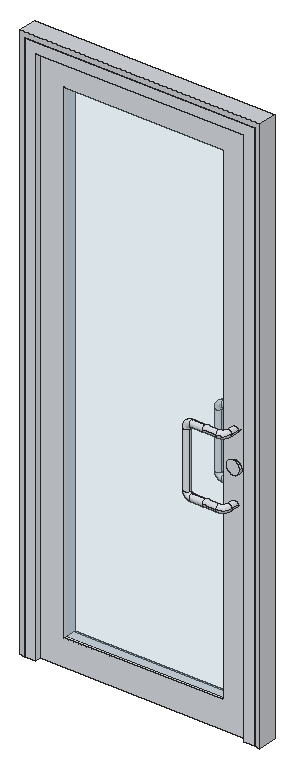
Revit family "AC_Дверь_Однопольная_Алюминиевая", category Двери, Revit 2019
Family settings
  Основа = Стена
  Номер OmniClass = 23.30.10.00
  Заголовок OmniClass = Doors
  Всегда вертикально = Да
  При загрузке вырезать с полостями = Нет
  Общий = Нет
  Точка расчета площади = Нет
Parameters
  Четверть _Высота [instance] = 40 mm
  Четверть [instance] = no
  Четверть_Сверху [instance] = if(Четверть, Четверть _Высота, 0 mm)  # 0 mm
  Четверть_Сбоку [instance] = if(Четверть, Четверть_Ширина, 0 mm)  # 0 mm
  Четверть_Ширина [instance] = 40 mm
  Функция = Наружные слои
  Угол плане 30 [instance] = yes
  Тип полотна двери = АС-Полотно : Остекленное
  Ручка двери = none
  Рама двери_Ширина справа = 100 mm
  Рама двери_Ширина слева = 100 mm
  Рама двери_Ширина внизу = 100 mm
  Рама двери_Ширина вверху = 100 mm
  Рама двери = none
  Полотно_Ширина = Rough Width - Коробка_Ширина * 2  # 800 mm
  Полотно_Высота = Rough Height - Коробка_Ширина  # 2050 mm
  Аналитическая конструкция = "<Нет>"
  ADSK_Обозначение = "ГОСТ 23747-2015"
  Наличник двери = none
  ADSK_Наименование = "ДАВ О Оп Пр Бпр Р 2080х860"
  Монтажный зазор_Верх [instance] = 20 mm
  Коробка_Ширина = 30 mm
  Коробка_Толщина = 70 mm
  Правая = yes
  Полотно двери = none
  Остекление двери = none
  Наличник_Ширина [instance] = 60 mm
  Наличник_Толщина [instance] = 10 mm
  Наличник снаружи [instance] = no
  Наличник внутри [instance] = no
  Монтажный зазор_Справа и Слева [instance] = 20 mm
  Вставка_Четверть_Глубина [instance] = 0 mm
  Левая = not(Правая)  # no
  Инструкция по семейству [instance] = ""
  Защитное ограждение = no
  Огибание наружных слоев [instance] = 0 mm
  Width [instance] = Rough Width + Монтажный зазор_Справа и Слева * 2  # 900 mm
  Thickness = 50 mm
  Rough Width = 860 mm
  Rough Height = 2080 mm
  Model = ""
  Manufacturer = ""
  Wall Closure = (empty or 0)
  Height [instance] = Rough Height + Монтажный зазор_Верх  # 2100 mm
  Описание = "Дверь алюминиевая остекленная  внутренняя"
  Тип конструкций = "Дверь алюминиевая"
  ADSK_Этаж [instance] = ""
  ADSK_Толщина стены [instance] = 600 mm
  ADSK_Примечание [instance] = ""
  ADSK_Предел огнестойкости = ""
  ADSK_Позиция [instance] = ""
  ADSK_Открывание = if(Правая, "Правая", "Левая")  # "Правая"
  ADSK_Откосы_Глубина [instance] = 530 mm
  ADSK_Наименование краткое = ""
  ADSK_Масса_Текст = ""
  ADSK_Количество [instance] = 0
  ADSK_Код изделия = ""
  ADSK_Зона [instance] = ""
  ADSK_Завод-изготовитель = ""
  ADSK_Единица измерения = ""
  ADSK_Группирование [instance] = ""
  ADSK_Версия Revit = "v2019"  # constant formula
  ADSK_URL страницы изделия = ""
  ADSK_URL документации изделия = ""
Reference planes
  plane 1: y = 0
  plane 2 "По центру (Влево/Вправо)": x = 0
  plane 3 "Слева": x = -450
  plane 4 "Справа": x = 450
  plane 5: z = 2100
  plane 6 "Наружный": y = 300
  plane 7 "Внутренние": y = -300
  plane 8 "Вставка двери": y = 300
  plane 9 "Четверть слева": x = -450
  plane 10 "Четверть справа": x = 450
  plane 11 "Четверть сверху": z = 2100
  plane 12 "Полотно двери": y = 250
  plane 13 "Рама внутри": y = 230
  plane 14 "Монтажный зазор слева": x = -430
  plane 15 "Монтажный зазор справа": x = 430
  plane 16 "Монтажный зазор сверху": z = 2080
  plane 17 "Глубина огибания наружного слоя": y = 300
  plane 18: y = 310
  plane 19: x = 440
  plane 20: y = -310
  plane 21: x = -440
  plane 22: x = -400
  plane 23: x = 400
  plane 24: z = 1025
  plane 25 "Верх полотна": z = 2050
Forms (mm)
  Extrusion 1, void
    sketch origin (0, 0, 0) x (1, 0, 0) y (0, 1, 0)
      loop
        line (450, 300) -> (-450, 300) -> (-450, -800) -> (450, -800) -> (450, 300)
    from 0 to 2100
  Extrusion 2, void
    sketch origin (0, 0, 0) x (1, 0, 0) y (0, 1, 0)
      loop
        line (450, 800) -> (-450, 800) -> (-450, 300) -> (450, 300) -> (450, 800)
    from 0 to 2100
  Sweep 3, solid, material <- "Наличник двери", visible <- "Наличник снаружи", detail levels fine
    path origin (0, 300, 0) x (1, 0, 0) y (0, 0, 1)
      loop
        line (-450, 0) -> (-450, 2100) -> (450, 2100) -> (450, 0)
    profile origin (-450, 300, 1050) x (-1, 0, 0) y (0, -1, 0)
      loop
        line (-10, 0) -> (-10, -5)
        arc (-10, -5) -> (-8.536, -8.536) -> (-5, -10) r 5
        line (-5, -10) -> (45, -10)
        arc (45, -10) -> (48.536, -8.536) -> (50, -5) r 5
        line (50, -5) -> (50, 0) -> (-10, 0)
  Sweep 4, solid, material <- "Наличник двери", visible <- "Наличник внутри", detail levels fine
    path origin (0, -300, 0) x (1, 0, 0) y (0, 0, 1)
      loop
        line (-450, 0) -> (-450, 2100) -> (450, 2100) -> (450, 0)
    profile origin (-450, -300, 1050) x (-1, 0, 0) y (0, -1, 0)
      loop
        line (-20, 0) -> (40, 0) -> (40, 5)
        arc (40, 5) -> (38.536, 8.536) -> (35, 10) r 5
        line (35, 10) -> (-15, 10)
        arc (-15, 10) -> (-18.536, 8.536) -> (-20, 5) r 5
        line (-20, 5) -> (-20, 0)
  Sweep 5, solid, material <- "Рама двери", detail levels medium+fine
    path origin (0, 300, 0) x (-1, 0, 0) y (0, 0, 1)
      loop
        line (430, 0) -> (430, 2080) -> (-430, 2080) -> (-430, 0)
    profile origin (430, 300, 1040) x (0, 1, 0) y (-1, 0, 0)
      loop
        line (0, 0) -> (0, 30) -> (-50, 30) -> (-50, 40) -> (-70, 40) -> (-70, 0) -> (0, 0)
  Sweep 6, solid, material <- "Наличник двери", visible <- "Наличник внутри", detail levels fine
    path origin (0, 230, 0) x (-1, 0, 0) y (0, 0, 1)
      loop
        line (450, 0) -> (450, 2100) -> (-450, 2100) -> (-450, 0)
    profile origin (-450, 230, 1050) x (1, 0, 0) y (0, 1, 0)
      loop
        line (0, -535) -> (20, -535) -> (20, 0) -> (0, 0) -> (0, -535)
  Sweep 7, solid, material <- "Наличник двери", visible <- "Наличник снаружи", detail levels fine
    path origin (0, 300, 0) x (-1, 0, 0) y (0, 0, 1)
      loop
        line (450, 0) -> (450, 2100) -> (-450, 2100) -> (-450, 0)
    profile origin (450, 300, 1050) x (0, 1, 0) y (-1, 0, 0)
      loop
        line (5, 0) -> (5, 10) -> (0, 10) -> (0, 0) -> (5, 0)
  Extrusion 8, solid, material <- "Рама двери", detail levels medium+fine
    sketch origin (-2514.822, 300, 1200) x (-1, 0, 0) y (0, 0, 1)
      loop
        line (-2964.822, 900) -> (-2964.822, -1200) -> (-2944.822, -1200) -> (-2944.822, 880) -> (-2084.822, 880) -> (-2084.822, -1200) -> (-2064.822, -1200) -> (-2064.822, 900) -> (-2964.822, 900)
    from 0 to -70
  Extrusion 9, solid, material <- "Полотно двери", detail levels coarse
    sketch origin (0, 0, 0) x (1, 0, 0) y (0, 1, 0)
      loop
        line (-450, 300) -> (-450, 230) -> (450, 230) -> (450, 300) -> (-450, 300)
    from 0 to 2100
Cuts and joins
  joined: Sweep 4, Sweep 6
  joined: Sweep 3, Sweep 7
Lines and regions (mm)
  Masking region 1, detail levels fine
    outline origin (0, 0, 0) x (0, 1, 0) y (0, 0, 1)
      loop
        line (230, 2040) -> (250, 2040) -> (250, 2050) -> (300, 2050) -> (300, 2080) -> (230, 2080) -> (230, 2040)
  Masking region 2, detail levels fine
    outline origin (0, 0, 0) x (0, 1, 0) y (0, 0, 1)
      loop
        line (300, 2080) -> (300, 2100) -> (230, 2100) -> (230, 2080) -> (300, 2080)
  Masking region 3, detail levels fine
    outline origin (0, 0, 0) x (0, 1, 0) y (0, 0, 1)
      loop
        line (300, 0) -> (300, 2050) -> (250, 2050) -> (250, 0) -> (300, 0)
  Masking region 4, detail levels fine
    outline origin (0, 0, 0) x (0, 1, 0) y (0, 0, 1)
      loop
        line (230, 2040) -> (230, 0) -> (250, 0) -> (250, 2040) -> (230, 2040)
  Masking region 5, detail levels coarse+medium
    outline origin (0, 0, 0) x (0, 1, 0) y (0, 0, 1)
      loop
        line (300, 0) -> (300, 2100) -> (230, 2100) -> (230, 0) -> (300, 0)
  symbolic lines, style "Открывание", visible <- "Правая", detail levels medium
    curve 1: line (-400, 300, 0) -> (400, 300, 1025)
    curve 2: line (400, 300, 1025) -> (-400, 300, 2050)
  symbolic lines, style "Открывание", visible <- "Левая", detail levels medium
    curve 3: line (400, 300, 0) -> (-400, 300, 1025)
    curve 4: line (-400, 300, 1025) -> (400, 300, 2050)
Text (mm)
  text "Наружный" at (-2295.016, 1099.543, 0), in view "Опорный уровень "
  text "Наружный" at (0, 1615.38, 3698.081), in view "Слева"
  text "Наружный" at (0, 1036.032, 3874.932), in view "Справа"
Dimensions and locks
  equal spacing: plane 14 "Монтажный зазор слева", plane 2 "По центру (Влево/Вправо)", plane 15 "Монтажный зазор справа"
  "Width": plane 3 "Слева" to plane 4 "Справа"
  "Rough Height": host wall to plane 16 "Монтажный зазор сверху"
  "Height": host wall to plane 5
  locked: plane 6 "Наружный" to host wall at 0
  locked: plane 7 "Внутренние" to host wall
  locked: Extrusion 1 sketch curve to plane 7 "Внутренние" at 500
  "Четверть_Сбоку": plane 3 "Слева" to plane 9 "Четверть слева"
  "Четверть_Сбоку": plane 10 "Четверть справа" to plane 4 "Справа"
  "Четверть_Сверху": plane 11 "Четверть сверху" to plane 5
  locked: plane 6 "Наружный" to Extrusion 2 sketch curve at 500
  "Вставка_Четверть_Глубина": plane 6 "Наружный" to plane 8 "Вставка двери"
  "Наличник_Ширина": Sweep 3 sketch curve to plane 21
  "Коробка_Толщина": plane 8 "Вставка двери" to plane 13 "Рама внутри"
  "Thickness": plane 8 "Вставка двери" to plane 12 "Полотно двери"
  "Огибание наружных слоев": plane 6 "Наружный" to plane 17 "Глубина огибания наружного слоя"
  "Наличник_Ширина": Sweep 4 sketch curve to Sweep 4 sketch curve
  locked: Sweep 4 sketch curve to Sweep 4 sketch curve at 5  (x4)
  locked: Sweep 3 sketch curve to Sweep 3 sketch curve at 5
  "Коробка_Ширина": Sweep 5 sketch curve to profile plane
  locked: Sweep 5 sketch curve to Sweep 5 sketch curve at 10
  locked: Sweep 6 sketch curve to plane 20 at 5
  "Наличник_Толщина": plane 7 "Внутренние" to plane 20
  "Наличник_Толщина": plane 18 to plane 6 "Наружный"
  "Наличник_Толщина": plane 9 "Четверть слева" to plane 21
  "Наличник_Толщина": plane 19 to plane 10 "Четверть справа"
  locked: plane 18 to Sweep 3 sketch curve at 5  (x2)
  locked: Sweep 3 sketch curve to plane 21 at 5
  locked: plane 18 to Sweep 7 sketch curve at 5
  "ADSK_Откосы_Глубина": plane 7 "Внутренние" to plane 13 "Рама внутри"
  equal spacing: plane 3 "Слева", plane 2 "По центру (Влево/Вправо)", plane 4 "Справа"
  "Rough Width": plane 14 "Монтажный зазор слева" to plane 15 "Монтажный зазор справа"
  "Коробка_Ширина": plane 14 "Монтажный зазор слева" to plane 22
  "Коробка_Ширина": plane 23 to plane 15 "Монтажный зазор справа"
  equal spacing: level, plane 24, plane 25 "Верх полотна"
  "Коробка_Ширина": plane 25 "Верх полотна" to plane 16 "Монтажный зазор сверху"
  "ADSK_Толщина стены": host wall to host wall
  aligned and locked: plane 1 to host wall
  aligned and locked: plane 8 "Вставка двери" to Extrusion 1 sketch curve
  aligned and locked: plane 3 "Слева" to Extrusion 1 sketch curve
  aligned and locked: Extrusion 1 sketch curve to plane 4 "Справа"
  aligned and locked: Extrusion 1 to level
  aligned and locked: Extrusion 1 to plane 5
  aligned and locked: Extrusion 2 sketch curve to plane 8 "Вставка двери"
  aligned and locked: plane 10 "Четверть справа" to Extrusion 2 sketch curve
  aligned and locked: Extrusion 2 sketch curve to plane 9 "Четверть слева"
  aligned and locked: Extrusion 2 to level
  aligned and locked: plane 11 "Четверть сверху" to Extrusion 2
  aligned and locked: plane 9 "Четверть слева" to Sweep 3 sketch curve
  aligned and locked: plane 11 "Четверть сверху" to Sweep 3 sketch curve
  aligned and locked: plane 10 "Четверть справа" to Sweep 3 sketch curve
  aligned and locked: Sweep 4 sketch curve to plane 3 "Слева"
  aligned and locked: Sweep 4 sketch curve to plane 5
  aligned and locked: Sweep 4 sketch curve to plane 4 "Справа"
  aligned and locked: level to Sweep 4 sketch curve  (x2)
  aligned and locked: Sweep 4 sketch curve to plane 7 "Внутренние"
  aligned and locked: Sweep 5 sketch curve to plane 15 "Монтажный зазор справа"
  aligned and locked: Sweep 5 sketch curve to plane 16 "Монтажный зазор сверху"
  aligned and locked: Sweep 5 sketch curve to plane 14 "Монтажный зазор слева"
  aligned and locked: level to Sweep 5 sketch curve  (x2)
  aligned and locked: profile plane to Sweep 5 sketch curve
  aligned and locked: plane 13 "Рама внутри" to Sweep 5 sketch curve
  aligned and locked: plane 8 "Вставка двери" to Sweep 5 sketch curve
  aligned and locked: plane 12 "Полотно двери" to Sweep 5 sketch curve
  aligned and locked: Sweep 4 sketch curve to plane 14 "Монтажный зазор слева"
  aligned and locked: plane 3 "Слева" to Sweep 6 sketch curve
  aligned and locked: plane 5 to Sweep 6 sketch curve
  aligned and locked: plane 4 "Справа" to Sweep 6 sketch curve
  aligned and locked: level to Sweep 6 sketch curve  (x2)
  aligned and locked: Sweep 6 sketch curve to plane 3 "Слева"
  aligned and locked: Sweep 6 sketch curve to plane 14 "Монтажный зазор слева"
  aligned and locked: Sweep 6 sketch curve to plane 13 "Рама внутри"
  aligned and locked: profile plane to Sweep 3 sketch curve
  aligned and locked: level to Sweep 7 sketch curve  (x2)
  aligned and locked: Sweep 7 sketch curve to plane 11 "Четверть сверху"
  aligned and locked: plane 10 "Четверть справа" to Sweep 7 sketch curve  (x2)
  aligned and locked: plane 9 "Четверть слева" to Sweep 7 sketch curve
  aligned and locked: plane 8 "Вставка двери" to Sweep 7 sketch curve
  aligned and locked: plane 20 to Sweep 4 sketch curve
  aligned and locked: plane 18 to Sweep 3 sketch curve
  aligned and locked: Sweep 7 sketch curve to plane 19
  aligned and locked: Masking region 1 sketch curve to Sweep 5  (x2)
  aligned and locked: plane 12 "Полотно двери" to Masking region 1 sketch curve
  aligned and locked: plane 13 "Рама внутри" to Masking region 1 sketch curve
  aligned and locked: plane 8 "Вставка двери" to Masking region 1 sketch curve
  aligned and locked: plane 16 "Монтажный зазор сверху" to Masking region 1 sketch curve
  aligned and locked: plane 8 "Вставка двери" to Masking region 2 sketch curve
  aligned and locked: plane 13 "Рама внутри" to Masking region 2 sketch curve
  aligned and locked: plane 16 "Монтажный зазор сверху" to Masking region 2 sketch curve
  aligned and locked: plane 5 to Masking region 2 sketch curve
  aligned and locked: plane 8 "Вставка двери" to Masking region 3 sketch curve
  aligned and locked: plane 12 "Полотно двери" to Masking region 3 sketch curve
  aligned and locked: level to Masking region 3 sketch curve
  aligned and locked: Masking region 3 sketch curve to Sweep 5
  aligned and locked: Masking region 4 sketch curve to Sweep 5
  aligned and locked: plane 13 "Рама внутри" to Masking region 4 sketch curve
  aligned and locked: plane 12 "Полотно двери" to Masking region 4 sketch curve
  aligned and locked: level to Masking region 4 sketch curve
  aligned and locked: plane 8 "Вставка двери" to Masking region 5 sketch curve
  aligned and locked: plane 13 "Рама внутри" to Masking region 5 sketch curve
  aligned and locked: plane 5 to Masking region 5 sketch curve
  aligned and locked: level to Masking region 5 sketch curve
  aligned and locked: Extrusion 8 sketch curve to plane 4 "Справа"
  aligned and locked: Extrusion 8 sketch curve to plane 3 "Слева"
  aligned and locked: Extrusion 8 sketch curve to plane 5
  aligned and locked: Extrusion 8 sketch curve to plane 16 "Монтажный зазор сверху"
  aligned and locked: Extrusion 8 sketch curve to plane 14 "Монтажный зазор слева"
  aligned and locked: Extrusion 8 sketch curve to plane 15 "Монтажный зазор справа"
  aligned and locked: Extrusion 8 sketch curve to level
  aligned and locked: Extrusion 8 to plane 13 "Рама внутри"
  aligned and locked: plane 8 "Вставка двери" to Extrusion 8
  aligned and locked: nested 1 to plane 8 "Вставка двери"
  aligned and locked: nested 1 to plane 3 "Слева"
  aligned and locked: nested 1 to plane 4 "Справа"
  aligned and locked: nested 2 to plane 4 "Справа"
  aligned and locked: nested 2 to plane 3 "Слева"
  aligned and locked: plane 8 "Вставка двери" to nested 2
  aligned and locked: nested 3 to plane 8 "Вставка двери"
  aligned and locked: nested 3 to plane 22
  aligned and locked: nested 3 to plane 23
  aligned and locked: nested 4 to plane 8 "Вставка двери"
  aligned and locked: nested 4 to plane 22
  aligned and locked: plane 8 "Вставка двери" to nested 5
  aligned and locked: nested 5 to plane 23
  aligned and locked: Extrusion 9 sketch curve to plane 8 "Вставка двери"
  aligned and locked: Extrusion 9 sketch curve to plane 13 "Рама внутри"
  aligned and locked: Extrusion 9 sketch curve to plane 4 "Справа"
  aligned and locked: Extrusion 9 sketch curve to plane 3 "Слева"
  aligned and locked: Extrusion 9 to level
  aligned and locked: Extrusion 9 to plane 5
  aligned and locked: curve 3 to Sweep 5
  aligned and locked: Sweep 5 to curve 1
  aligned and locked: plane 25 "Верх полотна" to curve 2
  aligned and locked: plane 25 "Верх полотна" to curve 4
  aligned and locked: plane 24 to curve 2
  aligned and locked: plane 24 to curve 4
  aligned and locked: level to curve 1
  aligned and locked: level to curve 3
  aligned and locked: plane 22 to curve 2
  aligned and locked: plane 23 to curve 4
  aligned and locked: plane 23 to curve 2
  aligned and locked: plane 22 to curve 4
Automatic sketch dimensions
  Sweep 3 sketch curve to level = 0 mm  (x2)
  Extrusion 8 sketch curve to level = 0 mm
Nested families
  nested 1: "АС-Однопольная-Обозначение на плане" at (0, 300, 0), Height <- "Height", Rough Width <- "Rough Width", Thickness <- "Thickness", Коробка.Толщина <- "Коробка_Толщина", Полотно.Ширина <- "Полотно_Ширина", visible <- "Левая", Width <- "Width", type "АС-Стандарт"
    with Полотно.Ширина 800 mm, Коробка.Толщина 70 mm, Width 900 mm, Thickness 50 mm, Rough Width 860 mm, Height 2100 mm, Открывание двери 90 no, Открывание двери 30 yes, Линия открывания (дуга) no
  nested 2: "АС-Однопольная-Обозначение на плане" at (0, 300, 0) x (-1, 0, 0) z (0, 0, 1), Height <- "Height", Rough Width <- "Rough Width", Thickness <- "Thickness", Коробка.Толщина <- "Коробка_Толщина", Полотно.Ширина <- "Полотно_Ширина", visible <- "Правая", Width <- "Width", type "АС-Стандарт"
    with Полотно.Ширина 800 mm, Коробка.Толщина 70 mm, Width 900 mm, Thickness 50 mm, Rough Width 860 mm, Height 2100 mm, Открывание двери 90 no, Открывание двери 30 yes, Линия открывания (дуга) no
  nested 3: "АС-Полотно" at (-50, 300, 0), Рама.Ширина справа <- "Рама двери_Ширина справа", Рама.Ширина слева <- "Рама двери_Ширина слева", Рама.Ширина внизу <- "Рама двери_Ширина внизу", Рама.Ширина вверху <- "Рама двери_Ширина вверху", Полотно двери.Толщина <- "Thickness", Полотно двери.Высота <- "Полотно_Высота", Полотно двери.Ширина <- "Полотно_Ширина", type <- "Тип полотна двери", Фурнитура <- "Ручка двери", Полотно двери <- "Полотно двери", Остекление двери <- "Остекление двери", Защитные ограждения <- "Защитное ограждение", type "Остекленное"
    with Фурнитура none, Рама.Ширина справа 100 mm, Рама.Ширина слева 100 mm, Рама.Ширина внизу 100 mm, Рама.Ширина вверху 100 mm, Полотно двери.Ширина 800 mm, Полотно двери.Толщина 50 mm, Полотно двери.Высота 2050 mm, Полотно двери none, Остекление двери none, Защитные ограждения no, Остекленное yes, Остекленное с перекладиной no
  nested 4: "АС-Ручка двери" at (-400, 300, 0), Полотно двери.Толщина <- "Thickness", visible <- "Левая", Ручка двери <- "Ручка двери", type "АС-Стандарт"
    with Ручка двери none, Полотно двери.Толщина 50 mm, Отступ ручки от края 60 mm, Высота расположения ручки 1025 mm
  nested 5: "АС-Ручка двери" at (400, 300, 0) x (-1, 0, 0) z (0, 0, 1), Полотно двери.Толщина <- "Thickness", visible <- "Правая", Ручка двери <- "Ручка двери", type "АС-Стандарт"
    with Ручка двери none, Полотно двери.Толщина 50 mm, Отступ ручки от края 60 mm, Высота расположения ручки 1025 mm
Definition of nested family "АС-Полотно"
  Parameters
    Фурнитура [instance] = none
    Рама.Ширина справа [instance] = 100 mm
    Рама.Ширина слева [instance] = 100 mm
    Рама.Ширина внизу [instance] = 100 mm
    Рама.Ширина вверху [instance] = 100 mm
    Остекленное = not(Остекленное с перекладиной)  # no
    Полотно двери.Ширина [instance] = 900 mm
    Полотно двери.Толщина [instance] = 50 mm
    Полотно двери.Высота [instance] = 2400 mm
    Полотно двери [instance] = none
    Остекленное с перекладиной = yes
    Остекление двери [instance] = none
    Защитные ограждения [instance] = no
    Default Elevation = 0 mm
  Reference planes
    plane 1 "Center (Front/Back)": y = 0
    plane 2: z = 0
    plane 3 "Center (Left/Right)": x = 0
    plane 4: x = -450
    plane 5: x = 450
    plane 6 "Back": y = -50
    plane 7: z = 2400
    plane 8 "Остекление снаружи": y = -8
    plane 9 "Остекление внутри": y = -42
    plane 10 "Ширина рамы справа": x = -350
    plane 11 "Ширина рамы слева": x = 350
    plane 12 "Ширина рамы внизу": z = 100
    plane 13 "Ширина рамы вверху": z = 2300
    plane 14: z = 650
    plane 15: z = 500
    plane 16: z = 350
  Forms (mm)
    Extrusion 1, solid, material <- "Полотно двери", visible <- "Остекленное с перекладиной", detail levels medium+fine
      sketch origin (0, 0, 0) x (1, 0, 0) y (0, 0, 1)
        loop
          line (-450, 2400) -> (-450, 0) -> (450, 0) -> (450, 2400) -> (-450, 2400)
        loop
          line (-350, 2300) -> (-350, 1050) -> (350, 1050) -> (350, 2300) -> (-350, 2300)
        loop
          line (-350, 100) -> (350, 100) -> (350, 950) -> (-350, 950) -> (-350, 100)
      from 0 to 50 <- "Полотно двери.Толщина"
    Extrusion 2, solid, material <- "Полотно двери", visible <- "Остекленное", detail levels medium+fine
      sketch origin (50, 0, 0) x (1, 0, 0) y (0, 0, 1)
        loop
          line (-500, 2400) -> (-500, 0) -> (400, 0) -> (400, 2400) -> (-500, 2400)
        loop
          line (-400, 100) -> (300, 100) -> (300, 2300) -> (-400, 2300) -> (-400, 100)
      from 0 to 50
    Extrusion 3, solid, material <- "Остекление двери", detail levels medium+fine
      sketch origin (-646.608, -8, 1200) x (-1, 0, 0) y (0, 0, 1)
        loop
          line (-296.608, 1100) -> (-996.608, 1100) -> (-996.608, -1100) -> (-296.608, -1100) -> (-296.608, 1100)
      from 0 to -34
    Sweep 4, solid, material <- "Фурнитура", visible <- "Защитные ограждения", detail levels medium+fine
      path origin (-858.179, -1524, 650) x (-1, 0, 0) y (0, -1, 0)
        loop
          arc (-478.179, -1459) -> (-482.572, -1448.393) -> (-493.179, -1444) r 15
          line (-493.179, -1444) -> (-1223.179, -1444)
          arc (-1223.179, -1444) -> (-1233.785, -1448.393) -> (-1238.179, -1459) r 15
          line (-1238.179, -1459) -> (-1238.179, -1539)
          arc (-1238.179, -1539) -> (-1233.785, -1549.607) -> (-1223.179, -1554) r 15
          line (-1223.179, -1554) -> (-493.179, -1554)
          arc (-493.179, -1554) -> (-482.572, -1549.607) -> (-478.179, -1539) r 15
          line (-478.179, -1539) -> (-478.179, -1459)
      profile origin (-380, -25, 650) x (-1, 0, 0) y (0, 0, 1)
        loop
          circle (0, 0) r 10
    Sweep 5, solid, material <- "Фурнитура", visible <- "Защитные ограждения", detail levels medium+fine
      path origin (-858.179, -1524, 500) x (-1, 0, 0) y (0, -1, 0)
        loop
          arc (-478.179, -1459) -> (-482.572, -1448.393) -> (-493.179, -1444) r 15
          line (-493.179, -1444) -> (-1223.179, -1444)
          arc (-1223.179, -1444) -> (-1233.785, -1448.393) -> (-1238.179, -1459) r 15
          line (-1238.179, -1459) -> (-1238.179, -1539)
          arc (-1238.179, -1539) -> (-1233.785, -1549.607) -> (-1223.179, -1554) r 15
          line (-1223.179, -1554) -> (-493.179, -1554)
          arc (-493.179, -1554) -> (-482.572, -1549.607) -> (-478.179, -1539) r 15
          line (-478.179, -1539) -> (-478.179, -1459)
      profile origin (-380, -25, 500) x (-1, 0, 0) y (0, 0, 1)
        loop
          circle (0, 0) r 10
    Sweep 6, solid, material <- "Фурнитура", visible <- "Защитные ограждения", detail levels medium+fine
      path origin (-858.179, -1524, 350) x (-1, 0, 0) y (0, -1, 0)
        loop
          arc (-478.179, -1459) -> (-482.572, -1448.393) -> (-493.179, -1444) r 15
          line (-493.179, -1444) -> (-1223.179, -1444)
          arc (-1223.179, -1444) -> (-1233.785, -1448.393) -> (-1238.179, -1459) r 15
          line (-1238.179, -1459) -> (-1238.179, -1539)
          arc (-1238.179, -1539) -> (-1233.785, -1549.607) -> (-1223.179, -1554) r 15
          line (-1223.179, -1554) -> (-493.179, -1554)
          arc (-493.179, -1554) -> (-482.572, -1549.607) -> (-478.179, -1539) r 15
          line (-478.179, -1539) -> (-478.179, -1459)
      profile origin (-380, -25, 350) x (-1, 0, 0) y (0, 0, 1)
        loop
          circle (0, 0) r 10
  Dimensions and locks
    "Полотно двери.Толщина": plane 1 "Center (Front/Back)" to plane 6 "Back"
    equal spacing: plane 4, plane 3 "Center (Left/Right)", plane 5
    "Полотно двери.Ширина": plane 4 to plane 5
    "Полотно двери.Высота": plane 7 to plane 2
    locked: plane 9 "Остекление внутри" to plane 6 "Back" at 8
    locked: plane 1 "Center (Front/Back)" to plane 8 "Остекление снаружи" at 8
    "Рама.Ширина вверху": plane 7 to plane 13 "Ширина рамы вверху"
    "Рама.Ширина внизу": plane 12 "Ширина рамы внизу" to plane 2
    "Рама.Ширина справа": plane 5 to plane 11 "Ширина рамы слева"
    "Рама.Ширина слева": plane 10 "Ширина рамы справа" to plane 4
    locked: plane 14 to plane 2 at 650
    plane 14 to plane 15 to plane 16 = 150 mm locked, 150 mm locked
    locked: plane 1 "Center (Front/Back)" to Sweep 4 sketch curve at 30
    locked: Sweep 4 sketch curve to profile plane at 0
    locked: profile plane to Sweep 4 sketch curve at 0
    locked: Sweep 4 sketch curve to plane 6 "Back" at 30
    locked: Sweep 5 sketch curve to profile plane at 0
    locked: profile plane to Sweep 5 sketch curve at 0
    locked: Sweep 5 sketch curve to plane 6 "Back" at 30
    locked: plane 1 "Center (Front/Back)" to Sweep 5 sketch curve at 30
    locked: Sweep 6 sketch curve to profile plane at 0
    locked: profile plane to Sweep 6 sketch curve at 0
    locked: Sweep 6 sketch curve to plane 6 "Back" at 30
    locked: plane 1 "Center (Front/Back)" to Sweep 6 sketch curve at 30
    plane 7 to plane 2 = 2400 mm
    locked: Sweep 4 sketch curve to plane 10 "Ширина рамы справа" at 30
    locked: plane 11 "Ширина рамы слева" to Sweep 4 sketch curve at 30
    locked: plane 11 "Ширина рамы слева" to Sweep 5 sketch curve at 30
    locked: Sweep 5 sketch curve to plane 10 "Ширина рамы справа" at 30
    locked: Sweep 6 sketch curve to plane 10 "Ширина рамы справа" at 30
    locked: plane 11 "Ширина рамы слева" to Sweep 6 sketch curve at 30
    locked: Sweep 4 sketch curve to Sweep 4 sketch curve at 15  (x8)
    locked: Sweep 5 sketch curve to Sweep 5 sketch curve at 15  (x8)
    locked: Sweep 6 sketch curve to Sweep 6 sketch curve at 15  (x8)
    locked: Extrusion 1 sketch curve to plane 2 at 950
    locked: Extrusion 1 sketch curve to Extrusion 1 sketch curve at 100
    aligned and locked: level to plane 2
    aligned and locked: Extrusion 1 sketch curve to plane 7
    aligned and locked: plane 4 to Extrusion 1 sketch curve
    aligned and locked: plane 2 to Extrusion 1 sketch curve
    aligned and locked: Extrusion 1 sketch curve to plane 5
    aligned and locked: Extrusion 1 to plane 1 "Center (Front/Back)"
    aligned and locked: Extrusion 1 to plane 6 "Back"
    aligned and locked: Extrusion 2 sketch curve to plane 4
    aligned and locked: Extrusion 2 sketch curve to plane 5
    aligned and locked: Extrusion 2 sketch curve to plane 7
    aligned and locked: Extrusion 2 sketch curve to plane 2
    aligned and locked: Extrusion 2 sketch curve to plane 12 "Ширина рамы внизу"
    aligned and locked: Extrusion 2 sketch curve to plane 10 "Ширина рамы справа"
    aligned and locked: Extrusion 2 sketch curve to plane 11 "Ширина рамы слева"
    aligned and locked: Extrusion 2 sketch curve to plane 13 "Ширина рамы вверху"
    aligned and locked: Extrusion 2 to plane 1 "Center (Front/Back)"
    aligned and locked: Extrusion 2 to plane 6 "Back"
    aligned and locked: Extrusion 3 sketch curve to plane 10 "Ширина рамы справа"
    aligned and locked: Extrusion 3 sketch curve to plane 11 "Ширина рамы слева"
    aligned and locked: plane 13 "Ширина рамы вверху" to Extrusion 3 sketch curve
    aligned and locked: plane 12 "Ширина рамы внизу" to Extrusion 3 sketch curve
    aligned and locked: Extrusion 3 to plane 8 "Остекление снаружи"
    aligned and locked: Extrusion 3 to plane 9 "Остекление внутри"
    aligned and locked: plane 7 to Extrusion 2
    aligned and locked: plane 4 to Extrusion 2
    aligned and locked: Extrusion 1 sketch curve to plane 10 "Ширина рамы справа"
    aligned and locked: Extrusion 1 sketch curve to plane 11 "Ширина рамы слева"
    aligned and locked: Extrusion 1 sketch curve to plane 13 "Ширина рамы вверху"
    aligned and locked: Extrusion 1 sketch curve to plane 12 "Ширина рамы внизу"
  Automatic sketch dimensions
    Extrusion 1 sketch curve to plane 10 "Ширина рамы справа" = 0 mm
    Extrusion 1 sketch curve to plane 11 "Ширина рамы слева" = 0 mm
    radius of Sweep 4 sketch curve = 10 mm
    radius of Sweep 5 sketch curve = 10 mm
    radius of Sweep 6 sketch curve = 10 mm
Definition of nested family "АС-Ручка двери"
  Parameters
    Ручка двери [instance] = none
    Полотно двери.Толщина [instance] = 90 mm
    Отступ ручки от края = 90 mm
    Высота расположения ручки = 900 mm
    Default Elevation = 0 mm
  Reference planes
    plane 1 "Наружная сторона полотна": y = 0
    plane 2: z = 0
    plane 3 "Край полотна": x = 0
    plane 4 "Вертикаль расположения": x = 90
    plane 5 "Горизонталь расположения": z = 900
    plane 6 "Внутренняя сторона полотна": y = -90
    plane 7: z = 650
    plane 8: y = 50
    plane 9: y = -140
  Forms (mm)
    Sweep 1, solid, material <- "Ручка двери", detail levels fine
      path origin (0, 0, 900) x (1, 0, 0) y (0, 1, 0)
        loop
          line (160, 50) -> (110, 50)
          arc (110, 50) -> (95.858, 44.142) -> (90, 30) r 20
          line (90, 30) -> (90, -120)
          arc (90, -120) -> (95.858, -134.142) -> (110, -140) r 20
          line (110, -140) -> (160, -140)
      profile origin (90, -45, 900) x (1, 0, 0) y (0, 0, 1)
        loop
          circle (0, 0) r 12
    Extrusion 2, solid, material <- "Ручка двери", detail levels fine
      sketch origin (0, 0, 0) x (1, 0, 0) y (0, 0, 1)
        loop
          circle (90, 775) r 25
      from 98 to -8
    Sweep 3, solid, material <- "Ручка двери", detail levels fine
      path origin (592.846, -30.48, 650) x (1, 0, 0) y (0, 1, 0)
        loop
          line (-432.846, 80.48) -> (-482.846, 80.48)
          arc (-482.846, 80.48) -> (-496.988, 74.622) -> (-502.846, 60.48) r 20
          line (-502.846, 60.48) -> (-502.846, -89.52)
          arc (-502.846, -89.52) -> (-496.988, -103.662) -> (-482.846, -109.52) r 20
          line (-482.846, -109.52) -> (-432.846, -109.52)
      profile origin (90, -45, 650) x (1, 0, 0) y (0, 0, 1)
        loop
          circle (0, 0) r 12
    Sweep 4, solid, material <- "Ручка двери", detail levels fine
      path origin (160, 50, 1200) x (1, 0, 0) y (0, 0, 1)
        loop
          line (0, -300) -> (50, -300)
          arc (50, -300) -> (64.142, -305.858) -> (70, -320) r 20
          line (70, -320) -> (70, -530)
          arc (70, -530) -> (64.142, -544.142) -> (50, -550) r 20
          line (50, -550) -> (0, -550)
      profile origin (185, 50, 900) x (0, 0, 1) y (0, -1, 0)
        loop
          circle (0, 0) r 12
    Sweep 5, solid, material <- "Ручка двери", detail levels fine
      path origin (160, -140, 1200) x (1, 0, 0) y (0, 0, 1)
        loop
          line (0, -300) -> (50, -300)
          arc (50, -300) -> (64.142, -305.858) -> (70, -320) r 20
          line (70, -320) -> (70, -530)
          arc (70, -530) -> (64.142, -544.142) -> (50, -550) r 20
          line (50, -550) -> (0, -550)
      profile origin (185, -140, 900) x (0, 0, 1) y (0, -1, 0)
        loop
          circle (0, 0) r 12
  Cuts and joins
    joined: Sweep 1, Sweep 3, Sweep 4, Sweep 5
  Dimensions and locks
    "Отступ ручки от края": plane 3 "Край полотна" to plane 4 "Вертикаль расположения"
    "Высота расположения ручки": plane 5 "Горизонталь расположения" to level
    "Полотно двери.Толщина": plane 1 "Наружная сторона полотна" to plane 6 "Внутренняя сторона полотна"
    locked: plane 1 "Наружная сторона полотна" to Extrusion 2 at 8
    locked: plane 6 "Внутренняя сторона полотна" to Extrusion 2 at 8
    locked: Extrusion 2 sketch curve to plane 5 "Горизонталь расположения" at 125
    locked: Extrusion 2 sketch curve to plane 4 "Вертикаль расположения"
    locked: plane 1 "Наружная сторона полотна" to Sweep 1 sketch curve at 50
    locked: plane 6 "Внутренняя сторона полотна" to Sweep 1 sketch curve at 50
    locked: plane 4 "Вертикаль расположения" to Sweep 1 sketch curve at 70  (x2)
    locked: Sweep 1 sketch curve to plane 5 "Горизонталь расположения"
    locked: plane 4 "Вертикаль расположения" to Sweep 1 sketch curve at 0
    locked: plane 1 "Наружная сторона полотна" to Sweep 3 sketch curve at 50
    locked: plane 6 "Внутренняя сторона полотна" to Sweep 3 sketch curve at 50
    locked: plane 4 "Вертикаль расположения" to Sweep 3 sketch curve at 70  (x2)
    locked: plane 7 to plane 5 "Горизонталь расположения" at 250
    locked: plane 8 to plane 1 "Наружная сторона полотна" at 50
    locked: plane 9 to plane 6 "Внутренняя сторона полотна" at 50
    locked: Sweep 4 sketch curve to plane 4 "Вертикаль расположения" at 140
    locked: Sweep 5 sketch curve to plane 4 "Вертикаль расположения" at 140
    aligned and locked: Sweep 1 sketch curve to plane 4 "Вертикаль расположения"
    aligned and locked: Sweep 3 sketch curve to plane 4 "Вертикаль расположения"
    aligned and locked: plane 7 to Sweep 4 sketch curve
    aligned and locked: plane 5 "Горизонталь расположения" to Sweep 4 sketch curve
    aligned and locked: plane 5 "Горизонталь расположения" to Sweep 5 sketch curve
    aligned and locked: plane 7 to Sweep 5 sketch curve
  Automatic sketch dimensions
    plane 4 "Вертикаль расположения" to Sweep 1 sketch curve = 20 mm  (x2)
    plane 4 "Вертикаль расположения" to Sweep 3 sketch curve = 20 mm  (x2)
    Sweep 3 sketch curve to plane 7 = 0 mm
    profile plane to Sweep 3 sketch curve = 0 mm
    Sweep 4 sketch curve to Sweep 4 sketch curve = 20 mm
    Sweep 4 sketch curve to plane 5 "Горизонталь расположения" = 20 mm
    Sweep 4 sketch curve to Sweep 4 sketch curve = 50 mm  (x2)
    Sweep 4 sketch curve to plane 8 = 0 mm
    profile plane to Sweep 4 sketch curve = 0 mm
    profile plane to Sweep 5 sketch curve = 0 mm
    Sweep 5 sketch curve to profile plane = 0 mm
    plane 4 "Вертикаль расположения" to Sweep 5 sketch curve = 70 mm
    Sweep 5 sketch curve to Sweep 5 sketch curve = 50 mm  (x2)
    Sweep 5 sketch curve to plane 5 "Горизонталь расположения" = 20 mm
    radius of Sweep 1 sketch curve = 12 mm
    radius of Extrusion 2 sketch curve = 25 mm
    radius of Sweep 3 sketch curve = 12 mm
    radius of Sweep 4 sketch curve = 12 mm
    radius of Sweep 5 sketch curve = 12 mm
Definition of nested family "АС-Однопольная-Обозначение на плане"
  Parameters
    Полотно.Ширина [instance] = 900 mm
    Открывание двери 90 = not(Открывание двери 30)  # yes
    Открывание двери 30 = no
    Линия открывания (дуга) = not(Открывание двери 30)  # yes
    Коробка.Толщина [instance] = 80 mm
    Width [instance] = 1000 mm
    Thickness [instance] = 40 mm
    Rough Width [instance] = 960 mm
    Height [instance] = 2100 mm
    Default Elevation = 0 mm
  Reference planes
    plane 1 "Center (Front/Back)": y = 0
    plane 2: z = 0
    plane 3 "Center (Left/Right)": x = 0
    plane 4 "Полотно.Слева": x = -480
    plane 5 "Полотно справа": x = 480
    plane 6 "Проем.Слева": x = -500
    plane 7 "Проем.Справа": x = 500
    plane 8 "Полотно. Внутренняя сторона": y = -40
    plane 9 "Коробка. Внутренняя сторона": y = -80
    plane 10 "Коробка.Внутренняя сторона слева": x = -450
    plane 11 "Коробка. Внутренняя сторона справа": x = 450
  Lines and regions (mm)
    Masking region 1, detail levels fine
      outline origin (0, 0, 0) x (1, 0, 0) y (0, 1, 0)
        loop
          line (-500, -80) -> (-480, -80) -> (-480, 0) -> (-500, 0) -> (-500, -80)
    Masking region 2, detail levels fine
      outline origin (0, 0, 0) x (1, 0, 0) y (0, 1, 0)
        loop
          line (500, -80) -> (500, 0) -> (480, 0) -> (480, -80) -> (500, -80)
    Masking region 3, detail levels fine
      outline origin (0, 0, 0) x (1, 0, 0) y (0, 1, 0)
        loop
          line (-480, 0) -> (-480, -80) -> (-440, -80) -> (-440, -40) -> (-450, -40) -> (-450, 0) -> (-480, 0)
    Masking region 4, detail levels fine
      outline origin (0, 0, 0) x (1, 0, 0) y (0, 1, 0)
        loop
          line (480, 0) -> (450, 0) -> (450, -40) -> (440, -40) -> (440, -80) -> (480, -80) -> (480, 0)
    Masking region 5, visible <- "Открывание двери 90", detail levels fine
      outline origin (0, 0, 0) x (1, 0, 0) y (0, 1, 0)
        loop
          line (450, 0) -> (450, 900) -> (410, 900) -> (410, 0) -> (450, 0)
    Masking region 6, visible <- "Открывание двери 30", detail levels fine
      outline origin (0, 0, 0) x (1, 0, 0) y (0, 1, 0)
        loop
          line (450, 0) -> (-329.423, 450) -> (-349.423, 415.359) -> (430, -34.641) -> (450, 0)
    symbolic lines, visible <- "Открывание двери 30", detail levels coarse+medium
      curve 1: line (500, 0, 0) -> (-366.025, 500, 0)
    symbolic lines, visible <- "Открывание двери 90", detail levels coarse+medium
      curve 2: line (500, 0, 0) -> (500, 1000, 0)
    symbolic lines, visible <- "Линия открывания (дуга)", detail levels coarse+medium
      curve 3: arc (500, 1000, 0) -> (-207.107, 707.107, 0) -> (-500, 0, 0) r 1000
    symbolic lines, visible <- "Линия открывания (дуга)", detail levels fine
      curve 4: arc (-450, 0, 0) -> (-186.396, 636.396, 0) -> (450, 900, 0) r 900
    model lines
      curve 5: line (0, 0, 0) -> (0, 0, 2100)
  Dimensions and locks
    "Thickness": plane 1 "Center (Front/Back)" to plane 8 "Полотно. Внутренняя сторона"
    equal spacing: plane 4 "Полотно.Слева", plane 3 "Center (Left/Right)", plane 5 "Полотно справа"
    equal spacing: plane 6 "Проем.Слева", plane 3 "Center (Left/Right)", plane 7 "Проем.Справа"
    "Width": plane 6 "Проем.Слева" to plane 7 "Проем.Справа"
    "Rough Width": plane 4 "Полотно.Слева" to plane 5 "Полотно справа"
    plane 1 "Center (Front/Back)" to plane 9 "Коробка. Внутренняя сторона" = 80 mm
    "Коробка.Толщина": plane 9 "Коробка. Внутренняя сторона" to plane 1 "Center (Front/Back)"
    equal spacing: plane 10 "Коробка.Внутренняя сторона слева", plane 3 "Center (Left/Right)", plane 11 "Коробка. Внутренняя сторона справа"
    "Полотно.Ширина": plane 10 "Коробка.Внутренняя сторона слева" to plane 11 "Коробка. Внутренняя сторона справа"
    "Width": curve 1 to curve 1
    "Width": plane 1 "Center (Front/Back)" to curve 2
    locked: plane 10 "Коробка.Внутренняя сторона слева" to Masking region 3 sketch curve at 10
    locked: Masking region 4 sketch curve to Masking region 4 sketch curve at 10
    "Полотно.Ширина": plane 1 "Center (Front/Back)" to Masking region 5 sketch curve
    "Thickness": Masking region 5 sketch curve to plane 11 "Коробка. Внутренняя сторона справа"
    "Полотно.Ширина": Masking region 6 sketch curve to Masking region 6 sketch curve
    "Thickness": Masking region 6 sketch curve to Masking region 6 sketch curve
    "Height": curve 5 to level
    "Width": radius of curve 3
    "Полотно.Ширина": radius of curve 4
    locked: curve 1 to plane 1 "Center (Front/Back)" (angle 30.00°)
    locked: Masking region 6 sketch curve to plane 1 "Center (Front/Back)" (angle 30.00°)
    aligned and locked: level to plane 2
    aligned and locked: plane 7 "Проем.Справа" to curve 2
    aligned and locked: plane 1 "Center (Front/Back)" to curve 2
    aligned and locked: Masking region 1 sketch curve to plane 9 "Коробка. Внутренняя сторона"
    aligned and locked: plane 6 "Проем.Слева" to Masking region 1 sketch curve
    aligned and locked: Masking region 1 sketch curve to plane 1 "Center (Front/Back)"
    aligned and locked: plane 4 "Полотно.Слева" to Masking region 1 sketch curve
    aligned and locked: plane 9 "Коробка. Внутренняя сторона" to Masking region 2 sketch curve
    aligned and locked: Masking region 2 sketch curve to plane 7 "Проем.Справа"
    aligned and locked: plane 1 "Center (Front/Back)" to Masking region 2 sketch curve
    aligned and locked: plane 5 "Полотно справа" to Masking region 2 sketch curve
    aligned and locked: Masking region 3 sketch curve to plane 4 "Полотно.Слева"
    aligned and locked: Masking region 3 sketch curve to plane 10 "Коробка.Внутренняя сторона слева"
    aligned and locked: Masking region 3 sketch curve to plane 1 "Center (Front/Back)"
    aligned and locked: Masking region 3 sketch curve to plane 9 "Коробка. Внутренняя сторона"
    aligned and locked: Masking region 3 sketch curve to plane 8 "Полотно. Внутренняя сторона"
    aligned and locked: Masking region 4 sketch curve to plane 5 "Полотно справа"
    aligned and locked: Masking region 4 sketch curve to plane 11 "Коробка. Внутренняя сторона справа"
    aligned and locked: Masking region 4 sketch curve to plane 9 "Коробка. Внутренняя сторона"
    aligned and locked: Masking region 4 sketch curve to plane 8 "Полотно. Внутренняя сторона"
    aligned and locked: Masking region 4 sketch curve to plane 1 "Center (Front/Back)"
    aligned and locked: curve 4 to Masking region 3
    aligned and locked: plane 11 "Коробка. Внутренняя сторона справа" to curve 4
    aligned and locked: Masking region 4 to Masking region 5 sketch curve
    aligned and locked: Masking region 5 sketch curve to Masking region 4
    aligned and locked: plane 11 "Коробка. Внутренняя сторона справа" to Masking region 6 sketch curve
    aligned and locked: plane 2 to curve 5
    aligned and locked: plane 3 "Center (Left/Right)" to curve 5
  Automatic sketch dimensions
    plane 1 "Center (Front/Back)" to Masking region 6 sketch curve = 0 mm
